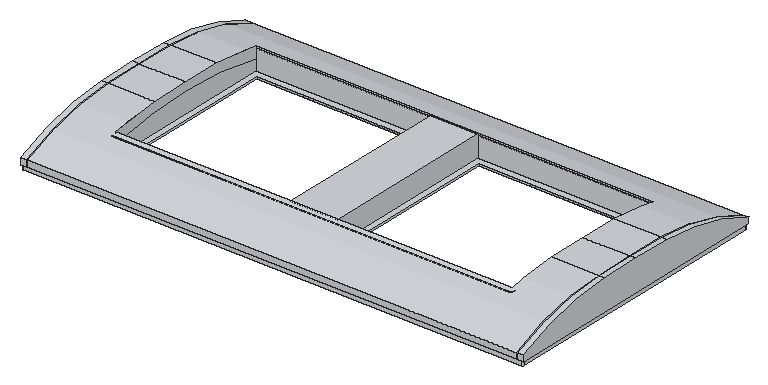
Revit family "Gira_0212334", category Electrical Fixtures, host Face, Revit 2017
Family settings
  Host = Face
  Maintain Annotation Orientation = No
  Round Connector Dimension = Use Diameter
  Part Type = Normal
  Cut with Voids When Loaded = No
  Shared = No
  Room Calculation Point = No
Parameters (values of type "Abdeckrahmen 2f Zwischenr. RW Gira Event Opak Weiß")
  Werkstoffgüte = "Thermoplast"
  Werkstoff = "Kunststoff"
  URL = "http://katalog.gira.de/de_DE/datenblatt.html?artikelnr=0212334"
  Transparent = "No"
  Textfeld/Beschriftungsfläche = "No"
  Schutzart (IP) = "IP20"
  Region = "DE"
  Oberfläche = "sonstige"
  Name = "Abdeckrahmen 2f Zwischenr. RW Gira Event Opak Weiß"
  Montagerichtung = "horizontal und vertikal"
  Mit Montagerahmen = "No"
  Mit Klappdeckel = "No"
  Manufacturer URL = "https://www.gira.de/"
  Keynote = "Event_Rahmen_2fach"
  HeinzeBIM = "https://bimportal.heinze.de/bim/abdeckrahmen-2f-zwischenr-rw-gira-event-opak-weiss/c1e841c355a8662168814b86c2545744354db263"
  Halogenfrei = "Yes"
  HAN = "0212334"
  Geeignet für Unterputz-Installation = "Yes"
  Geeignet für Unterflurkanaldose = "No"
  Geeignet für Geräteeinbaukanal = "No"
  Geeignet für Einbauinstallation = "No"
  GTIN = "4010337074397"
  Farbe = "weiß"
  Default Elevation = 1219.2 mm
  Data sheet (1) = "https://katalog.gira.de/de_DE/download.html?artikelnr=0212334"
  Category = "Abdeckrahmen"
  Befestigungsart = "Klemmbefestigung"
  Available = "Yes"
  Anzahl der Einheiten vertikal = "2 "
  Anzahl der Einheiten horizontal = "2 "
  Anzahl der Einheiten = "2 "
Reference planes
  plane 1 "Center (Front/Back)": y = 0
  plane 2: z = 0
  plane 3 "Center (Left/Right)": x = 0
Forms (mm)
  Extrusion 1, solid, detail levels fine
    sketch origin (0, 0, 0.05) x (0, 1, 0) y (0, 0, 1)
      loop
        arc (12.445, 9.683) -> (6.223, 9.833) -> (0, 9.85) r 291.636
        arc (0, 9.85) -> (-6.223, 9.833) -> (-12.445, 9.683) r 291.636
        arc (-12.445, 9.683) -> (-29.14, 7.482) -> (-45, 1.823) r 79.728
        line (-45, 1.823) -> (-45, -0.05) -> (-42.086, -0.05)
        arc (-42.086, -0.05) -> (-21.385, 5.559) -> (0, 7.206) r 114.424
        arc (0, 7.206) -> (21.385, 5.559) -> (42.086, -0.05) r 114.424
        line (42.086, -0.05) -> (45, -0.05) -> (45, 1.823)
        arc (45, 1.823) -> (29.14, 7.482) -> (12.445, 9.683) r 79.728
    from -78.55 to 78.55
  Extrusion 2, void, detail levels fine
    sketch origin (0, 0, 0) x (1, 0, 0) y (0, 1, 0)
      loop
        line (-63.55, -27.937) -> (63.55, -27.937) -> (63.55, 28.063) -> (-63.55, 28.063) -> (-63.55, -27.937)
    from 0.724 to 11
  Extrusion 3, solid, detail levels coarse
    sketch origin (0, 0, 0) x (1, 0, 0) y (0, 1, 0)
      loop
        line (-80.55, 45) -> (-80.55, -45) -> (80.55, -45) -> (80.55, 45) -> (-80.55, 45)
    from -1.5 to 9.9
  Extrusion 4, solid, detail levels medium
    sketch origin (0, 0, 0.05) x (0, 1, 0) y (0, 0, 1)
      loop
        arc (12.445, 9.683) -> (6.223, 9.833) -> (0, 9.85) r 291.636
        arc (0, 9.85) -> (-6.223, 9.833) -> (-12.445, 9.683) r 291.636
        arc (-12.445, 9.683) -> (-29.14, 7.482) -> (-45, 1.823) r 79.728
        line (-45, 1.823) -> (-45, -0.05) -> (45, -0.05) -> (45, 1.823)
        arc (45, 1.823) -> (29.14, 7.482) -> (12.445, 9.683) r 79.728
    from -80.55 to 80.55
  Extrusion 5, solid, detail levels fine
    sketch origin (-35.55, 0, -1.5) x (0, 1, 0) y (0, 0, -1)
      loop
        line (45, -3.373) -> (45, -1.5) -> (-45, -1.5) -> (-45, -3.373)
        arc (-45, -3.373) -> (-29.14, -9.032) -> (-12.445, -11.233) r 79.728
        arc (-12.445, -11.233) -> (-6.223, -11.383) -> (0, -11.4) r 291.636
        arc (0, -11.4) -> (6.223, -11.383) -> (12.445, -11.233) r 291.636
        arc (12.445, -11.233) -> (29.14, -9.032) -> (45, -3.373) r 79.728
    from 43 to 45
  Extrusion 6, solid, detail levels fine
    sketch origin (0, 0, 0) x (1, 0, 0) y (0, 1, 0)
      loop
        line (-61.45, 25.7) -> (-61.45, -25.7) -> (-9.65, -25.7) -> (-9.65, 25.7) -> (-61.45, 25.7)
      loop
        line (61.45, -25.7) -> (61.45, 25.7) -> (9.65, 25.7) -> (9.65, -25.7) -> (61.45, -25.7)
      loop
        line (-64.445, 28.49) -> (-64.445, -28.495)
        spline (-64.445, -28.495) -> (-64.436, -28.625) -> (-64.411, -28.754) -> (-64.369, -28.878) -> (-64.311, -28.995) -> (-64.238, -29.104) -> (-64.152, -29.202) -> (-64.054, -29.288) -> (-63.945, -29.361) -> (-63.828, -29.419) -> (-63.704, -29.461) -> (-63.575, -29.486) -> (-63.445, -29.495)
        line (-63.445, -29.495) -> (63.445, -29.495)
        spline (63.445, -29.495) -> (63.575, -29.486) -> (63.704, -29.461) -> (63.828, -29.419) -> (63.945, -29.361) -> (64.054, -29.288) -> (64.152, -29.202) -> (64.238, -29.104) -> (64.311, -28.995) -> (64.369, -28.878) -> (64.411, -28.754) -> (64.436, -28.625) -> (64.445, -28.495)
        line (64.445, -28.495) -> (64.445, 28.49)
        spline (64.445, 28.49) -> (64.436, 28.62) -> (64.411, 28.748) -> (64.369, 28.872) -> (64.311, 28.99) -> (64.238, 29.098) -> (64.152, 29.197) -> (64.054, 29.283) -> (63.945, 29.356) -> (63.828, 29.413) -> (63.704, 29.456) -> (63.575, 29.481) -> (63.445, 29.49)
        line (63.445, 29.49) -> (-63.445, 29.49)
        spline (-63.445, 29.49) -> (-63.575, 29.481) -> (-63.704, 29.456) -> (-63.828, 29.413) -> (-63.945, 29.356) -> (-64.054, 29.283) -> (-64.152, 29.197) -> (-64.238, 29.098) -> (-64.311, 28.99) -> (-64.369, 28.872) -> (-64.411, 28.748) -> (-64.436, 28.62) -> (-64.445, 28.49)
    from 0.1 to 7.3
  Extrusion 7, solid
    sketch origin (0, 0, 0) x (1, 0, 0) y (0, 1, 0)
      loop
        arc (-80.25, -44.2) -> (-80.104, -44.554) -> (-79.75, -44.7) r 0.5
        line (-79.75, -44.7) -> (79.75, -44.7)
        arc (79.75, -44.7) -> (80.104, -44.554) -> (80.25, -44.2) r 0.5
        line (80.25, -44.2) -> (80.25, 44.2)
        arc (80.25, 44.2) -> (80.104, 44.554) -> (79.75, 44.7) r 0.5
        line (79.75, 44.7) -> (-79.75, 44.7)
        arc (-79.75, 44.7) -> (-80.104, 44.554) -> (-80.25, 44.2) r 0.5
        line (-80.25, 44.2) -> (-80.25, -44.2)
      loop
        line (-78.55, 43) -> (-78.55, -43) -> (78.55, -43) -> (78.55, 43) -> (-78.55, 43)
    from -1.5 to 0.5
  Extrusion 8, solid, detail levels fine
    sketch origin (35.55, 0, -1.5) x (0, 1, 0) y (0, 0, 1)
      loop
        arc (45, 3.373) -> (29.14, 9.032) -> (12.445, 11.233) r 79.728
        arc (12.445, 11.233) -> (6.223, 11.383) -> (0, 11.4) r 291.636
        arc (0, 11.4) -> (-6.223, 11.383) -> (-12.445, 11.233) r 291.636
        arc (-12.445, 11.233) -> (-29.14, 9.032) -> (-45, 3.373) r 79.728
        line (-45, 3.373) -> (-45, 1.5) -> (45, 1.5) -> (45, 3.373)
    from 43 to 45
  Extrusion 9, solid, detail levels medium
    sketch origin (0, 0, 0) x (1, 0, 0) y (0, 1, 0)
      loop
        line (-80.25, -44.7) -> (80.25, -44.7) -> (80.25, 44.7) -> (-80.25, 44.7) -> (-80.25, -44.7)
    from -1.5 to 0.5
  Extrusion 10, solid, detail levels fine
    sketch origin (0, 0, 0) x (1, 0, 0) y (0, 1, 0)
      loop
        line (-7.55, 28.063) -> (-7.55, -27.937) -> (7.55, -27.937) -> (7.55, 28.063) -> (-7.55, 28.063)
    from 0.724 to 7.566
Cuts and joins
  Extrusion 2 cuts Extrusion 1
  Extrusion 2 cuts Extrusion 6
Dimensions and locks
  aligned and locked: plane 2 to host face
  aligned and locked: level to host face
